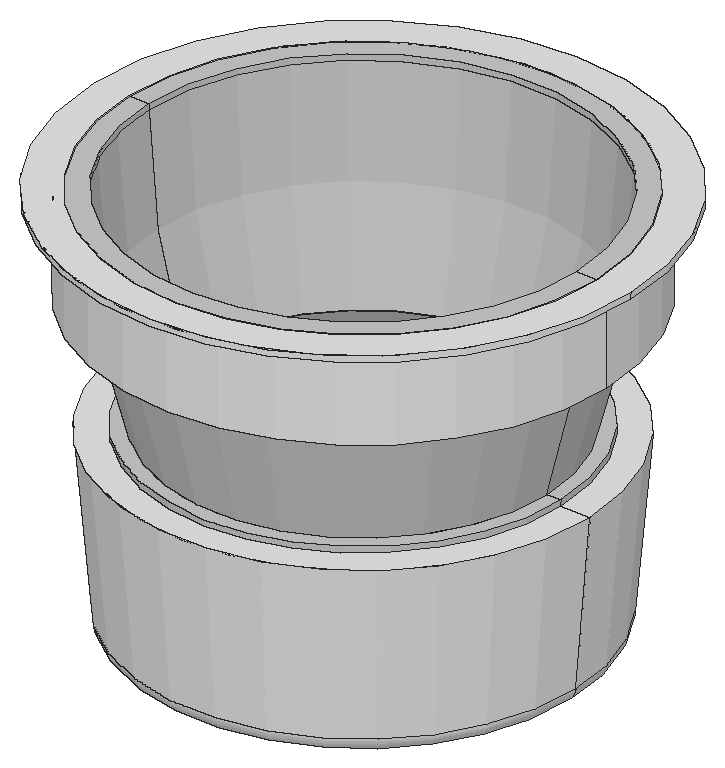
Revit family "2059342 Lighting Fixture_Sylvania_Ascent 150 II Round_Ceiling Recessed", category Lighting Fixtures, host Face, Revit 2017
Family settings
  Host = Face
  Round Connector Dimension = Use Diameter
  Part Type = Normal
  OmniClass Number = 23.80.70.11.17
  OmniClass Title = Specialized Lighting by Location or Use
  Cut with Voids When Loaded = No
  Light Source = Yes
  Shared = No
  Room Calculation Point = No
Parameters (values of type "ASCENT 150 II 1100 3K STD EM")
  Upper Body Radius = Radius - 14.5 mm  # 80.0 mm
  Upper Body Material = Metal_Sylvania_Ascent 150 II_Black
  Ring Outer Diameter = Diameter - 17.0 mm  # 172.0 mm
  Ring Inner Diameter = Ring Outer Diameter - 4.0 mm  # 168.0 mm
  Reflector Material = Metal_Sylvania_Ascent 150 II_Polished
  Recessed Depth = 142.0 mm
  Radius = Diameter / 2  # 94.5 mm
  Light Emit  Diameter = Diameter - 38.0 mm  # 151.0 mm
  LOR = "100%"  # constant formula
  Inrush Current (max. quantity per 16A C breaker) = "80"  # constant formula
  Inner Reflector Radius = Inner Radius - 19.5 mm  # 63.0 mm
  Inner Radius = Inner Diameter / 2  # 82.5 mm
  Inner Diameter = Diameter - 24.0 mm  # 165.0 mm
  IP Rating = "IP44"  # constant formula
  IK Rating = "IK02"  # constant formula
  Glow Wire Test = 650 °C  # constant formula
  Energy Class = "A++,A+,A"  # constant formula
  Weight = 2.45 kg
  Wattage = 2.86179 W
  built-in parameter 1150110 = 1 (stored number, unit not read)
  Voltage Comments = "UNV (Universal Voltage; 220-240 Volt)"  # constant formula
  Voltage = 230 V  # constant formula
  URL = "https://www.sylvania-lighting.com"
  built-in parameter 1114217 = 1 (stored number, unit not read)
  Tilt Angle = -90°
  built-in parameter 1150109 = 1 (stored number, unit not read)
  built-in parameter 1150134 = (empty or 0)
  built-in parameter 1150113 = 1 (stored number, unit not read)
  Product Page URL = "https://www.sylvania-lighting.com/product/en-int/products/2059342"
  Product Family = "ASCENT 150 II ROUND"  # constant formula
  Photometry Comments = ""
  Photometric Web File = "2059342_ASCENT150II11003KSTDEM-206250.ies"
  Life = "50 000 h"  # constant formula
  Emit from Circle Diameter = Light Emit  Diameter  # 151.0 mm
  Emit Shape Visible in Rendering = no
  Emergency duration (h) = "N/A"
  Electrical Protection = "Class II"  # constant formula
  Drive Current = "350mA"  # constant formula
  Distribution type = "Direct"  # constant formula
  Diffuser Material = Glass_Sylvania_Ascent 150 II_Clear_3000K
  Diameter = 189.0 mm
  Cutout Diameter = Diameter - 13.0 mm  # 176.0 mm
  Colour consistency (SDCM) = "3 step"  # constant formula
  built-in parameter 1114216 [instance] = 1 (stored number, unit not read)
  Model = "ASCENT 150 II 1100 3K STD EM"
  Manufacturer = "Feilo Sylvania"
  built-in parameter 1150105 = 215.15 (stored number, unit not read)
  Lumens = 352 lm
  built-in parameter 1150115 = 1 (stored number, unit not read)
  built-in parameter 1150137 = (empty or 0)
  built-in parameter 1150139 = (empty or 0)
  built-in parameter 1150112 = 1 (stored number, unit not read)
  built-in parameter 1150114 = 1 (stored number, unit not read)
  Lamp Comments = "Integrated LED"  # constant formula
  Lamp = "LED"  # constant formula
  built-in parameter 1150132 = 2
  built-in parameter 1150102 = (empty or 0)
  built-in parameter 1150107 = 3000 (stored number, unit not read)
  built-in parameter 1150138 = (empty or 0)
  built-in parameter 1150106 = 2.1515 (stored number, unit not read)
  built-in parameter 1150104 = 11.427 (stored number, unit not read)
  Dimming Lamp Color Temperature Shift = <None>
  Description = "A very high efficient round downlight up to 127lm/W Long life >50,000hrs 4,000K and 3,000K CCT and CRI Ra85 IP44 rated for wet areas and bathrooms UGR <19 version for offices to comply with EN12464-1 Wide selection of decorative accessories"  # constant formula
  Default Elevation = 0.0 mm
  Color Filter = 16777215
  Catalog Number = "2059342 ASCENT 150 II 1100 3K STD EM"
  built-in parameter 1140040 [instance] = 1
  CRI (Ra) = ">80"  # constant formula
  built-in parameter 1114218 = 1 (stored number, unit not read)
  built-in parameter 1150133 = 10 (stored number, unit not read)
  Assembly Code = "D5020200"
  Apparent Load Comments = ""
  Apparent Load = 14 VA
  Accessory Material = Aluminum_Sylvania_Ascent 150 II_White
Reference planes
  plane 1 "Center (Front/Back)": y = 0
  plane 2: z = 0
  plane 3 "Center (Left/Right)": x = 0
  plane 4: z = 2
  plane 5: z = -74
  plane 6 "Fixture Top": z = -140
  plane 7: z = -31
  plane 8: z = -72
  plane 9: z = -62.037
Forms (mm)
  Extrusion 1, solid, material "Aluminum_Sylvania_Ascent 150 II_White" <- "Accessory Material", detail levels fine
    sketch origin (0, 0, 0) x (1, 0, 0) y (0, 1, 0)
      loop
        circle (0, 0) r 94.5
      loop
        circle (0, 0) r 82.5
    from 0 to 2
  Extrusion 2, void
    sketch origin (0, 0, 0) x (1, 0, 0) y (0, 1, 0)
      loop
        circle (0, 0) r 88
    from -140 to 2
  Revolve 3, solid, material "Metal_Sylvania_Ascent 150 II_Polished" <- "Reflector Material", detail levels fine
    sketch origin (0, 0, 0) x (1, 0, 0) y (0, 0, 1)
      loop
        line (-82.5, 0) -> (-77.5, 0)
        arc (-77.5, 0) -> (-74.352, -36.539) -> (-65, -72) r 213.61
        line (-65, -72) -> (-70, -72) -> (-70, -74) -> (0, -74) -> (0, -72) -> (-63, -72)
        arc (-63, -72) -> (-72.352, -36.539) -> (-75.5, 0) r 213.61
        line (-75.5, 0) -> (-75.5, 2) -> (-82.5, 2) -> (-82.5, 0)
      axis (0, 2) -> (0, -74)
    angle from 0 to 360
  Extrusion 4, solid, material "Aluminum_Sylvania_Ascent 150 II_White" <- "Accessory Material", detail levels fine
    sketch origin (0, 0, 0) x (1, 0, 0) y (0, 1, 0)
      loop
        circle (0, 0) r 86
      loop
        circle (0, 0) r 84
    from -31 to 0
  Revolve 5, solid, material "Glass_Sylvania_Ascent 150 II_Clear_3000K" <- "Diffuser Material", detail levels fine
    sketch origin (0, 0, 0) x (1, 0, 0) y (0, 0, 1)
      loop
        line (-63, -72) -> (0, -72) -> (0, -62.037)
        arc (0, -62.037) -> (-31.891, -64.543) -> (-63, -72) r 204.163
      axis (0, -62.037) -> (0, -72)
    angle from 0 to 360
  Revolve 6, solid, material "Metal_Sylvania_Ascent 150 II_Black" <- "Upper Body Material", detail levels fine
    sketch origin (0, 0, 0) x (1, 0, 0) y (0, 0, 1)
      loop
        line (0, -74) -> (-80, -74) -> (-75.107, -129.929)
        arc (-75.107, -129.929) -> (-73.452, -133.536) -> (-69.924, -135.353) r 6.079
        arc (-69.924, -135.353) -> (-35.039, -138.837) -> (0, -140) r 528.435
        line (0, -140) -> (0, -74)
      axis (0, -74) -> (0, -140)
    angle from 0 to 360
  Revolve 7, solid, material "Aluminum_Sylvania_Ascent 150 II_White" <- "Accessory Material", detail levels coarse+medium
    sketch origin (0, 0, 0) x (1, 0, 0) y (0, 0, 1)
      loop
        arc (-69.924, -135.353) -> (-35.039, -138.837) -> (0, -140) r 528.435
        line (0, -140) -> (0, 2) -> (-94.5, 2) -> (-94.5, 0) -> (-86, 0) -> (-86, -31)
        arc (-86, -31) -> (-84.493, -52.708) -> (-80, -74) r 157.083
        line (-80, -74) -> (-75.107, -129.929)
        arc (-75.107, -129.929) -> (-73.452, -133.536) -> (-69.924, -135.353) r 6.079
      axis (0, 2) -> (0, -140)
    angle from 0 to 360
Cuts and joins
  joined: Extrusion 1, Extrusion 4
Lines and regions (mm)
  Masking region 1
    outline origin (0, 0, 0) x (1, 0, 0) y (0, 1, 0)
      loop
        circle (0, 0) r 94.5
  symbolic lines, detail levels fine
    curve 1: arc (-75.5, 0, 0) -> (0, 75.5, 0) -> (75.5, 0, 0) r 75.5
    curve 2: arc (75.5, 0, 0) -> (0, -75.5, 0) -> (-75.5, 0, 0) r 75.5
Dimensions and locks
  plane 4 to plane 2 to plane 7 to plane 9 to plane 8 to plane 5 = 2.0 mm locked, 31.0 mm locked, 31.037 mm locked, 9.963 mm locked, 2.0 mm locked
  "Inner Radius": plane 3 "Center (Left/Right)" to Revolve 3 sketch curve
  locked: Revolve 3 sketch curve to Revolve 3 sketch curve at 7
  Revolve 3 sketch curve to Revolve 3 sketch curve to Revolve 3 sketch curve to Revolve 3 sketch curve = 2.0 mm locked, 5.0 mm locked, 12.5 mm locked
  "Inner Reflector Radius": Revolve 5 sketch curve to imposter light
  Revolve 6 sketch curve to Revolve 6 sketch curve to plane 6 "Fixture Top" = 5.424 mm locked, 4.647 mm locked
  "Recessed Depth": plane 4 to plane 6 "Fixture Top"
  "Upper Body Radius": plane 3 "Center (Left/Right)" to Revolve 6 sketch curve
  Revolve 6 sketch curve to Revolve 6 sketch curve to Revolve 6 sketch curve = 4.893 mm locked, 5.183 mm locked
  Revolve 7 sketch curve to Revolve 7 sketch curve to plane 6 "Fixture Top" = 5.424 mm locked, 4.647 mm locked
  Revolve 7 sketch curve to Revolve 7 sketch curve to Revolve 7 sketch curve to Revolve 7 sketch curve to Revolve 7 sketch curve = 8.5 mm locked, 6.0 mm locked, 4.893 mm locked, 5.183 mm locked
  "Radius": plane 3 "Center (Left/Right)" to Revolve 7 sketch curve
  "Diameter": diameter of Extrusion 1 sketch curve
  "Inner Diameter": diameter of Extrusion 1 sketch curve
  "Cutout Diameter": diameter of Extrusion 2 sketch curve
  "Ring Outer Diameter": diameter of Extrusion 4 sketch curve
  "Ring Inner Diameter": diameter of Extrusion 4 sketch curve
  aligned and locked: plane 2 to host face
  aligned and locked: level to host face
  aligned and locked: imposter light to plane 3 "Center (Left/Right)"
  aligned and locked: imposter light to plane 1 "Center (Front/Back)"
  aligned and locked: Extrusion 1 to plane 2
  aligned and locked: plane 4 to Extrusion 1
  aligned and locked: imposter light to plane 4
  aligned and locked: imposter light to Revolve 3 sketch curve
  aligned and locked: Revolve 3 sketch curve to imposter light
  aligned and locked: Revolve 3 sketch curve to plane 2
  aligned and locked: Revolve 3 sketch curve to Revolve 3 sketch curve
  aligned and locked: plane 5 to Revolve 3 sketch curve
  aligned and locked: Extrusion 4 to plane 7
  aligned and locked: Revolve 3 sketch curve to plane 8
  aligned and locked: Revolve 5 sketch curve to plane 8
  aligned and locked: imposter light to Revolve 5 sketch curve  (x2)
  aligned and locked: imposter light to Revolve 6 sketch curve  (x2)
  aligned and locked: plane 5 to Revolve 6 sketch curve
  aligned and locked: plane 6 "Fixture Top" to Revolve 6 sketch curve
  aligned and locked: Revolve 7 sketch curve to plane 2
  aligned and locked: plane 4 to Revolve 7 sketch curve
  aligned and locked: plane 7 to Revolve 7 sketch curve
  aligned and locked: imposter light to Extrusion 2
  aligned and locked: Extrusion 2 to plane 6 "Fixture Top"
  aligned and locked: Masking region 1 sketch curve to Revolve 7  (x2)
  aligned and locked: curve 1 to Revolve 3
  aligned and locked: curve 2 to Revolve 3
Automatic sketch dimensions
  host sketch curve to host sketch curve = 1040.406 mm
  host sketch curve to host sketch curve = 988.385 mm
  Extrusion 1 sketch curve to Extrusion 1 sketch curve = 0.0 mm  (x2)
  plane 1 "Center (Front/Back)" to Extrusion 1 sketch curve = 0.0 mm
  Extrusion 1 sketch curve to plane 3 "Center (Left/Right)" = 0.0 mm
  plane 1 "Center (Front/Back)" to Extrusion 2 sketch curve = 0.0 mm
  Extrusion 2 sketch curve to plane 3 "Center (Left/Right)" = 0.0 mm
  Revolve 3 sketch curve to plane 3 "Center (Left/Right)" = 0.0 mm
  Revolve 3 sketch curve to level = 0.0 mm
  Revolve 3 sketch curve to Revolve 3 sketch curve = 2.0 mm
  Revolve 3 sketch curve to plane 5 = 27.065 mm
  plane 4 to Revolve 3 sketch curve = 16.525 mm
  Extrusion 4 sketch curve to Extrusion 4 sketch curve = 0.0 mm  (x2)
  plane 1 "Center (Front/Back)" to Extrusion 4 sketch curve = 0.0 mm
  Extrusion 4 sketch curve to plane 3 "Center (Left/Right)" = 0.0 mm
  Revolve 5 sketch curve to plane 9 = 0.0 mm
  Revolve 5 sketch curve to plane 5 = 17.158 mm
  Revolve 5 sketch curve to plane 7 = 15.158 mm
  Revolve 6 sketch curve to plane 7 = 0.0 mm
  Revolve 6 sketch curve to Revolve 6 sketch curve = 6.05 mm
  Revolve 6 sketch curve to plane 6 "Fixture Top" = 26.0 mm
  Revolve 7 sketch curve to plane 3 "Center (Left/Right)" = 0.0 mm  (x2)
  Revolve 7 sketch curve to plane 6 "Fixture Top" = 0.0 mm
  Revolve 7 sketch curve to plane 5 = 0.0 mm
  Revolve 7 sketch curve to plane 7 = 0.0 mm
  Revolve 7 sketch curve to Revolve 7 sketch curve = 0.866 mm
  Revolve 7 sketch curve to Revolve 7 sketch curve = 26.0 mm
Connectors
  electrical at (0, 0, -140), driven by "Apparent Load", driven by "Voltage"
    settings: index 1, voltage 230 V, apparent load 0 VA, apparent load phase1 14 VA, apparent load phase2 0 VA, apparent load phase3 0 VA, power factor 1, load classification "Lighting", number of poles 1, system type 31, power factor state 1, is connector primary yes, connector utility no, sub classification motor no, connector description ""
